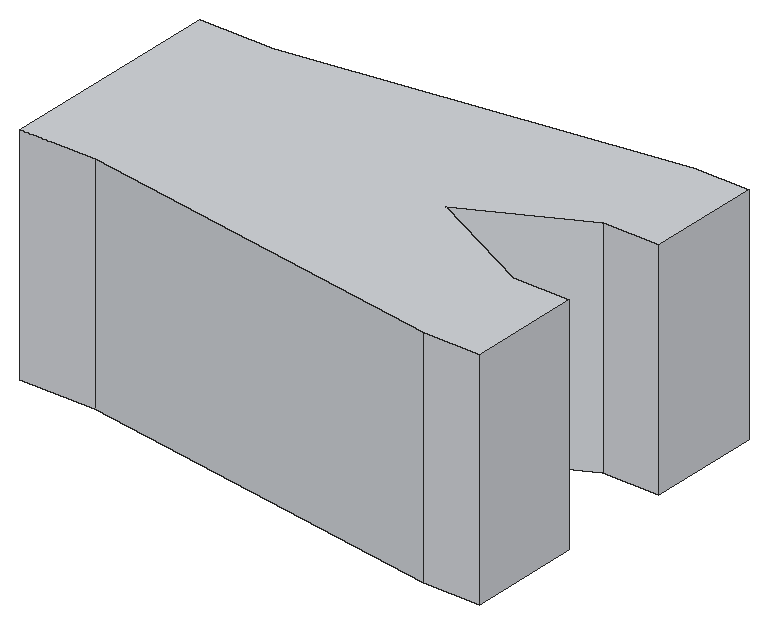
Revit family "M_Calças retangulares - Transição", category Conexões de duto, Revit 2019
Family settings
  Cota do conector redondo = Utilizar diâmetro
  Tipo de parte = Arquejamentos
  Número OmniClass = 23.75.70.14
  Título OmniClass = Air Ductwork
  ID de item do Seek = Rectangular Pants - Transition-0000-CAN-ENU
  Com base no plano de trabalho = Não
  Sempre na vertical = Sim
  Corte com vazios quando carregada = Não
  Compartilhado = Não
Parameters (values of type "Padrão")
  Largura do duto 3 [instance] = 150 mm
  Largura do duto 2 [instance] = 150 mm
  Largura do duto 1 [instance] = 300 mm
  Comprimento do duto 8 [instance] = 1.5 * Largura do duto 3  # 225 mm
  Comprimento do duto 7 [instance] = Largura do duto 3 / 2  # 75 mm
  Comprimento do duto 6 [instance] = 2 * Largura do duto 1  # 600 mm
  Comprimento do duto 5 [instance] = 1.5 * Largura do duto 1  # 450 mm
  Comprimento do duto 4 [instance] = 1.5 * Largura do duto 2  # 225 mm
  Comprimento do duto 3 [instance] = Largura do duto 2 / 2  # 75 mm
  Comprimento do duto 2 [instance] = 2 * Largura do duto 1  # 600 mm
  Comprimento do duto 1 [instance] = Largura do duto 1 / 3  # 100 mm
  Altura do duto [instance] = 300 mm
Reference planes
  plane 1 "Centro (Frente/Trás)": y = 0
  plane 2: z = 0
  plane 3 "Centro (Esquerda/Direita)": x = 0
  plane 4: x = 100
  plane 5: y = 150
  plane 6: y = -150
  plane 7: x = 600
  plane 8: x = 675
  plane 9: y = 225
  plane 10: y = 75
  plane 11: x = 450
  plane 12: x = 600
  plane 13: x = 675
  plane 14: y = -225
  plane 15: y = -75
  plane 16: y = 150
  plane 17: y = -150
  plane 18: y = 152.4
  plane 19: y = -152.4
  plane 20: z = 150
  plane 21: z = -150
  plane 22: y = 152.4
  plane 23: y = -152.4
Forms (mm)
  Extrusion 1, solid, detail levels medium+fine
    sketch origin (0, 0, 0) x (1, 0, 0) y (0, 1, 0)
      loop
        line (100, 150) -> (0, 150) -> (0, -150) -> (100, -150) -> (600, -225) -> (675, -225) -> (675, -75) -> (600, -75) -> (450, 0) -> (600, 75) -> (675, 75) -> (675, 225) -> (600, 225) -> (100, 150)
    from -150 to 150
Lines and regions (mm)
  model lines, detail levels coarse
    curve 1: line (100, 0, 0) -> (600, 150, 0)
    curve 2: line (100, 0, 0) -> (600, -150, 0)
    curve 3: line (600, 150, 0) -> (675, 150, 0)
    curve 4: line (600, -150, 0) -> (675, -150, 0)
    curve 5: line (0, 0, 0) -> (100, 0, 0)
Dimensions and locks
  "Comprimento do duto 1": plane 3 "Centro (Esquerda/Direita)" to plane 4
  equal spacing: plane 5, plane 1 "Centro (Frente/Trás)", plane 6
  "Largura do duto 1": plane 5 to plane 6
  "Comprimento do duto 2": plane 3 "Centro (Esquerda/Direita)" to plane 7
  "Comprimento do duto 3": plane 7 to plane 8
  "Comprimento do duto 4": plane 1 "Centro (Frente/Trás)" to plane 9
  "Largura do duto 2": plane 9 to plane 10
  "Comprimento do duto 5": plane 3 "Centro (Esquerda/Direita)" to plane 11
  "Comprimento do duto 6": plane 3 "Centro (Esquerda/Direita)" to plane 12
  "Comprimento do duto 7": plane 12 to plane 13
  "Comprimento do duto 8": plane 1 "Centro (Frente/Trás)" to plane 14
  "Largura do duto 3": plane 15 to plane 14
  equal spacing: plane 9, plane 16, plane 10
  equal spacing: plane 15, plane 17, plane 14
  equal spacing: plane 18, plane 1 "Centro (Frente/Trás)", plane 19
  equal spacing: plane 20, plane 2, plane 21
  "Altura do duto": plane 20 to plane 21
  equal spacing: plane 22, plane 1 "Centro (Frente/Trás)", plane 23
  aligned and locked: plane 5 to Extrusion 1 sketch curve
  aligned and locked: plane 4 to Extrusion 1 sketch curve  (x2)
  aligned and locked: plane 6 to Extrusion 1 sketch curve
  aligned and locked: plane 15 to Extrusion 1 sketch curve  (x2)
  aligned and locked: plane 7 to Extrusion 1 sketch curve  (x2)
  aligned and locked: plane 1 "Centro (Frente/Trás)" to Extrusion 1 sketch curve
  aligned and locked: plane 11 to Extrusion 1 sketch curve
  aligned and locked: plane 3 "Centro (Esquerda/Direita)" to Extrusion 1 sketch curve  (x2)
  aligned and locked: Extrusion 1 sketch curve to plane 5
  aligned and locked: Extrusion 1 sketch curve to plane 6
  aligned and locked: plane 12 to Extrusion 1 sketch curve  (x2)
  aligned and locked: plane 13 to Extrusion 1 sketch curve
  aligned and locked: Extrusion 1 sketch curve to plane 14
  aligned and locked: plane 14 to Extrusion 1 sketch curve
  aligned and locked: Extrusion 1 sketch curve to plane 13
  aligned and locked: Extrusion 1 sketch curve to plane 8  (x2)
  aligned and locked: Extrusion 1 sketch curve to plane 10
  aligned and locked: Extrusion 1 sketch curve to plane 9
  aligned and locked: plane 9 to Extrusion 1 sketch curve
  aligned and locked: plane 10 to Extrusion 1 sketch curve
  aligned and locked: plane 7 to curve 1
  aligned and locked: plane 1 "Centro (Frente/Trás)" to curve 2
  aligned and locked: plane 4 to curve 2
  aligned and locked: plane 3 "Centro (Esquerda/Direita)" to curve 5
  aligned and locked: plane 1 "Centro (Frente/Trás)" to curve 5
  aligned and locked: plane 8 to curve 3
  aligned and locked: curve 3 to plane 16
  aligned and locked: plane 12 to curve 4
  aligned and locked: plane 13 to curve 4
  aligned and locked: curve 4 to plane 17
  aligned and locked: Extrusion 1 to plane 21
  aligned and locked: plane 20 to Extrusion 1
Connectors
  hvac at (0, 0, 0), driven by "Altura do duto", driven by "Largura do duto 1"
    settings: on Extrusion 1, index 1, duct flow 0.0 L/s, flow factor 0, pres drop 0.0 Pa, loss coef 0, conn angle 0.00°, conn width 300 mm, conn height 300 mm, conn diameter 609.6 mm, duct sys type 28, conn prof type 1, flow config 0, flow direction 0, loss method 0, conn ref index -1, conn util no, is conn primary yes, conn desc ""
  hvac at (675, 150, 0), driven by "Altura do duto", driven by "Largura do duto 2"
    settings: on Extrusion 1, index 2, duct flow 0.0 L/s, flow factor 0, pres drop 0.0 Pa, loss coef 0, conn angle 0.00°, conn width 150 mm, conn height 300 mm, conn diameter 609.6 mm, duct sys type 28, conn prof type 1, flow config 0, flow direction 0, loss method 0, conn ref index -1, conn util no, is conn primary no, conn desc ""
  hvac at (675, -150, 0), driven by "Altura do duto", driven by "Largura do duto 3"
    settings: on Extrusion 1, index 3, duct flow 0.0 L/s, flow factor 0, pres drop 0.0 Pa, loss coef 0, conn angle 0.00°, conn width 150 mm, conn height 300 mm, conn diameter 609.6 mm, duct sys type 28, conn prof type 1, flow config 0, flow direction 0, loss method 0, conn ref index -1, conn util no, is conn primary no, conn desc ""
